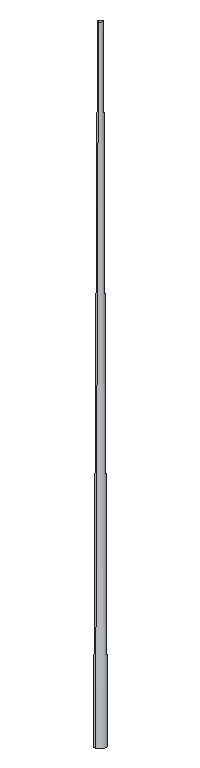
Revit family "Lighting-ArredoUrbano-GEWISS-URBAN[O3]-PALI_CONICI", category Apparecchi per illuminazione, host Superficie, Revit 2019
Family settings
  Host = Superficie
  Quota connettore circolare = Usa diametro
  Tipo di parte = Normale
  Numero OmniClass = 23.80.00.00
  Titolo OmniClass = Electric Power and Lighting
  Taglio con vuoti quando caricato = No
  Sorgente d'illuminazione = No
  Condiviso = No
  Punto di calcolo locali = Sì
Parameters (values of type "GW87592 - STREET PALO CONICO 8,8m GRAF")
  Versione file RFA = "20.11"
  URL = "https://www.gewiss.com/it/it"
  Tipo: = "Conico"
  Scheda Tecnica = "https://www.gewiss.com/it/it/search?q=GW87592"
  SIMBOLO [instance] = yes
  SEO = "Palo"
  Default Elevation = 1219.2 mm
  Produttore = "GEWISS S.p.A."
  Peso (kg): = "91"
  Peso (kg) = "91"
  Palo = none
  Modello = "GW87592"
  Materiale = "Acciaio zincato"
  Lunghezza totale (m) = "8,8"
  Interramento (m) = "0,8"
  Immagine tipo = GW84096.jpg
  IFC.TypeObject = ""
  IFC.ExportType = ""
  IFC.ExportAs = ""
  IDT = "fb51b8d7-080d-47f3-85ad-856ae9a19558"
  IDF = "0b45d6f1-ece2-47e2-922c-18e9a9c1b305"
  Finitura = "Verniciato"
  Diametro sommitÃ  (mm) = "60"
  Diametro inferiore = 148 mm
  Diametro base (mm) = "148"
  Diametro = 60 mm
  Descrizione = "STREET PALO CONICO 8,8m GRIGIO GRAFITE"
  Creato da GEWISS S.p.A. = ""
  Colore = "Grigio grafite"
  Codice Electrocod = "240"
  Codice EAN = "8011564782587"
  Catalogo Serie = "STREET [O3]"
  Catalogo = "LIGHTING"
  COBie.Tagnumber = ""
  COBie.CreatedOn = ""
  COBie.CreatebBy = ""
  COBie.ComponentRegisterItemID = ""
  COBie.Component.TagNumber = ""
  COBie.Component.Space = ""
  COBie.Component.SerialNumber = ""
  COBie.Component.InstallationDate = ""
  COBie.Component.Description = ""
  COBie.Component.BarCode = ""
  BIDIMENSIONALE [instance] = not(SIMBOLO)  # no
  Altezza palo = 8800 mm
Types (7, lengths in mm): name | Tipo: | Scheda Tecnica | Peso (kg): | Peso (kg) | Modello | Materiale | Lunghezza totale (m) | Interramento (m) | IDT | Diametro inferiore | Diametro base (mm) | Descrizione | Colore | Codice EAN | Catalogo Serie | Altezza palo
  GW87591 - STREET PALO CONICO 6,8m GRAF | "Conico" | "https://www.gewiss.com/it/it/search?q=GW87591" | "48" | "48" | "GW87591" | "Acciaio zincato" | "6,8" | "0,8" | "b1c709b1-2363-4663-a2bd-6850ecaed8ba" | 138 | "128" | "STREET PALO CONICO 6,8m GRIGIO GRAFITE" | "Grigio grafite" | "8011564782570" | "STREET [O3]" | 6800
  GW87592 - STREET PALO CONICO 8,8m GRAF | "Conico" | "https://www.gewiss.com/it/it/search?q=GW87592" | "91" | "91" | "GW87592" | "Acciaio zincato" | "8,8" | "0,8" | "fb51b8d7-080d-47f3-85ad-856ae9a19558" | 148 | "148" | "STREET PALO CONICO 8,8m GRIGIO GRAFITE" | "Grigio grafite" | "8011564782587" | "STREET [O3]" | 8800
  GW87593 - STREET PALO CONICO 9,8m GRAF | "Conico" | "https://www.gewiss.com/it/it/search?q=GW87593" | "107" | "107" | "GW87593" | "Acciaio zincato" | "9,8" | "0,8" | "d3b2aa7b-33ea-43be-8ddf-58a48c27c07e" | 158 | "158" | "STREET PALO CONICO 9,8m GRIGIO GRAFITE" | "Grigio grafite" | "8011564782594" | "STREET [O3]" | 9800
  GW87691 - PALO CILINDRICO VERNIC.D.60MM 3,5M GR. | "Cilindrico" | "https://www.gewiss.com/it/it/search?q=GW87691" | "31" | "" | "GW87691" | "" | "4" | "0,5" | "06a9735d9e54444aa8360be4193bad20" | 60 | "102" | "PALO CILINDRICO VERNIC.D.60MM 3,5M GR." | "Grigio grafite" | "" | "" | 3500
  GW87692 - PALO CILINDRICO VERNIC.D.60MM 4M GR. | "Cilindrico" | "https://www.gewiss.com/it/it/search?q=GW87692" | "35" | "" | "GW87692" | "" | "4,5" | "0,5" | "1640147c548443ceb56d5b734ace696a" | 60 | "102" | "PALO CILINDRICO VERNIC.D.60MM 4M GR." | "Grigio grafite" | "" | "" | 4000
  GW87691B - PALO CILINDRICO VERNIC.D.60MM 3,5M BLU | "Cilindrico" | "https://www.gewiss.com/it/it/search?q=GW87691B" | "31" | "" | "GW87691B" | "" | "4" | "0,5" | "62d63857abf74adfa0ef70c59dd4c1c2" | 60 | "102" | "PALO CILINDRICO VERNIC.D.60MM 3,5M BLU" | "BlueGreen" | "" | "" | 3500
  GW87692B - PALO CILINDRICO VERNIC.D.60MM 4M BLU | "Cilindrico" | "https://www.gewiss.com/it/it/search?q=GW87692B" | "35" | "" | "GW87692B" | "" | "4,5" | "0,5" | "67596335bc6647ff91f6417d1fc28b89" | 60 | "102" | "PALO CILINDRICO VERNIC.D.60MM 4M BLU" | "BlueGreen" | "" | "" | 4000
Reference planes
  plane 1 "Centro (Fronte/Retro)": y = 0
  plane 2: z = 0
  plane 3 "Centro (Sinistra/Destra)": x = 0
  plane 4: z = 8800
Forms (mm)
  Blend 1, solid, material <- "Palo"
    base sketch origin (0, 0, 138.951) x (0, -1, 0) y (1, 0, 0)
      loop
        circle (0, 0) r 30
    top sketch origin (0, 0, 138.951) x (0, -1, 0) y (1, 0, 0)
      loop
        circle (0, 0) r 74
    from 8661.049 to -138.951
Lines and regions (mm)
  Masking region 1, visible <- "BIDIMENSIONALE"
    outline origin (0, 0, 138.951) x (0, -1, 0) y (1, 0, 0)
      loop
        circle (0, 0) r 74
  Masking region 2, visible <- "BIDIMENSIONALE"
    outline origin (0, 0, 138.951) x (0, -1, 0) y (1, 0, 0)
      loop
        circle (0, 0) r 30
Dimensions and locks
  "Altezza palo": plane 4 to level
  "Diametro": diameter of Blend 1 sketch curve
  "Diametro inferiore": diameter of Blend 1 sketch curve
  "Diametro inferiore": diameter of Masking region 1 sketch curve
  aligned and locked: plane 2 to host face
  aligned and locked: level to host face
  aligned and locked: plane 4 to Blend 1
  aligned and locked: Blend 1 to level
  aligned and locked: nested 1 to host face
  aligned and locked: nested 2 to level
  aligned and locked: plane 3 "Centro (Sinistra/Destra)" to nested 3
  aligned and locked: nested 3 to plane 1 "Centro (Fronte/Retro)"
Automatic sketch dimensions
  host sketch curve to host sketch curve = 2438.4 mm  (x2)
  plane 1 "Centro (Fronte/Retro)" to Masking region 2 sketch curve = 0 mm
  Masking region 2 sketch curve to plane 3 "Centro (Sinistra/Destra)" = 0 mm
  plane 1 "Centro (Fronte/Retro)" to Blend 1 sketch curve = 0 mm  (x2)
  Blend 1 sketch curve to plane 3 "Centro (Sinistra/Destra)" = 0 mm  (x2)
  plane 1 "Centro (Fronte/Retro)" to Masking region 1 sketch curve = 0 mm
  Masking region 1 sketch curve to plane 3 "Centro (Sinistra/Destra)" = 0 mm
  radius of Masking region 2 sketch curve = 30 mm
Nested families
  nested 1: "2D - PALI CONICI" at (0, 0, 0) x (1, 0, 0) z (0, -1, 0), B <- "Diametro inferiore", H <- "Altezza palo", type "BIDIMENSIONALE"
    with H 8800 mm, B 148 mm
  nested 2: "2D - PALI CONICI" at (0, 0, 0) x (0, 1, 0) z (1, 0, 0), B <- "Diametro inferiore", H <- "Altezza palo", type "BIDIMENSIONALE"
    with H 8800 mm, B 148 mm
  nested 3: "ACCPALO" at (0, 0, 138.951) x (1, 0, 0) z (0, 0, -1), visible <- "SIMBOLO", type "ACCPALO"
Definition of nested family "2D - PALI CONICI"
  Parameters (values of type "BIDIMENSIONALE")
    H [instance] = 860 mm
    B [instance] = 240 mm
  Reference planes
    plane 1 "Centro (Fronte/Retro)": y = 0
    plane 2: z = 0
    plane 3 "Centro (Sinistra/Destra)": x = 0
    plane 4: y = 860
    plane 5: x = -120
    plane 6: x = 120
  Lines and regions (mm)
    Masking region 1, in view "Livello rif."
      outline origin (0, 0, 0) x (1, 0, 0) y (0, 1, 0)
        loop
          line (-120, 0) -> (120, 0) -> (30, 860) -> (-30, 860) -> (-120, 0)
  Dimensions and locks
    "H": plane 4 to plane 1 "Centro (Fronte/Retro)"
    "B": plane 5 to plane 6
    equal spacing: plane 5, plane 3 "Centro (Sinistra/Destra)", plane 6
    Masking region 1 to plane 3 "Centro (Sinistra/Destra)" to Masking region 1 = 30 mm, 30 mm
    locked: Masking region 1 sketch curve to Masking region 1 sketch curve at 60
    equal spacing: Masking region 1 sketch curve, plane 3 "Centro (Sinistra/Destra)", Masking region 1 sketch curve
    aligned and locked: plane 4 to Masking region 1
    aligned and locked: plane 1 "Centro (Fronte/Retro)" to Masking region 1
    aligned and locked: plane 5 to Masking region 1
    aligned and locked: plane 6 to Masking region 1
    aligned and locked: plane 5 to Masking region 1 sketch curve
    aligned and locked: plane 6 to Masking region 1 sketch curve
  Automatic sketch dimensions
    Masking region 1 sketch curve to plane 4 = 0 mm
    plane 1 "Centro (Fronte/Retro)" to Masking region 1 sketch curve = 0 mm
Definition of nested family "ACCPALO"
  Reference planes
    plane 1 "Centro (Fronte/Retro)": y = 0
    plane 2: z = 0
    plane 3 "Centro (Sinistra/Destra)": x = 0
  Lines and regions (mm)
    model lines, in view "Livello rif."
      curve 1: line (-150, 150, 0) -> (150, 150, 0)
      curve 2: line (150, 150, 0) -> (150, -150, 0)
      curve 3: line (150, -150, 0) -> (-150, -150, 0)
      curve 4: line (-150, -150, 0) -> (-150, 150, 0)
      curve 5: line (150, 0, 0) -> (130, 0, 0)
      curve 6: line (-130, 0, 0) -> (-150, 0, 0)
    detail lines, in view "Livello rif."
      curve 7: spline (-17.247, 26.335, 0) -> (-16.659, 25.345, 0) -> (-14.936, 24.424, 0) -> (-12.195, 23.632, 0) -> (-8.623, 23.025, 0) -> (-4.464, 22.643, 0) -> (0, 22.513, 0) -> (4.464, 22.643, 0) -> (8.623, 23.025, 0) -> (12.195, 23.632, 0) -> (14.936, 24.424, 0) -> (16.659, 25.345, 0) -> (17.247, 26.335, 0) -> (16.659, 27.324, 0) -> (14.936, 28.245, 0) -> (12.195, 29.037, 0) -> (8.623, 29.644, 0) -> (4.464, 30.026, 0) -> (0, 30.156, 0) -> (-4.464, 30.026, 0) -> (-8.623, 29.644, 0) -> (-12.195, 29.037, 0) -> (-14.936, 28.245, 0) -> (-16.659, 27.324, 0) -> (-17.247, 26.335, 0)
      curve 8: spline (-17.266, -26.469, 0) -> (-14.61, -27.838, 0) -> (-11.877, -28.965, 0) -> (-9.078, -29.846, 0) -> (-6.224, -30.478, 0) -> (-3.325, -30.859, 0) -> (-0.393, -30.986, 0) -> (2.562, -30.86, 0) -> (5.527, -30.481, 0) -> (8.491, -29.85, 0) -> (11.443, -28.969, 0) -> (14.372, -27.843, 0) -> (17.266, -26.475, 0)
      curve 9: line (-85.401, -52.093, 0) -> (85.401, -52.093, 0)
      curve 10: line (85.401, -52.093, 0) -> (85.401, 52.093, 0)
      curve 11: line (85.401, 52.093, 0) -> (-85.401, 52.093, 0)
      curve 12: line (-85.401, 52.093, 0) -> (-85.401, -52.093, 0)
      curve 13: line (-7.115, 89.747, 0) -> (0, 87.807, 0)
      curve 14: line (0, 87.807, 0) -> (7.644, 89.747, 0)
      curve 15: line (7.644, 89.747, 0) -> (13.23, 95.272, 0)
      curve 16: line (13.23, 95.272, 0) -> (15.288, 102.914, 0)
      curve 17: line (15.288, 102.914, 0) -> (13.23, 110.379, 0)
      curve 18: line (13.23, 110.379, 0) -> (7.759, 115.75, 0)
      curve 19: line (7.759, 115.75, 0) -> (0.173, 117.807, 0)
      curve 20: line (0.173, 117.807, 0) -> (-7.177, 115.868, 0)
      curve 21: line (-7.177, 115.868, 0) -> (-12.763, 110.225, 0)
      curve 22: line (-12.763, 110.225, 0) -> (-14.763, 102.877, 0)
      curve 23: line (-14.763, 102.877, 0) -> (-12.648, 95.396, 0)
      curve 24: line (-12.648, 95.396, 0) -> (-7.115, 89.747, 0)
      curve 25: line (0, 87.807, 0) -> (0, 52.093, 0)
      curve 26: line (-17.266, -26.469, 0) -> (-17.266, 26.335, 0)
      curve 27: line (17.266, -26.475, 0) -> (17.266, 26.335, 0)
